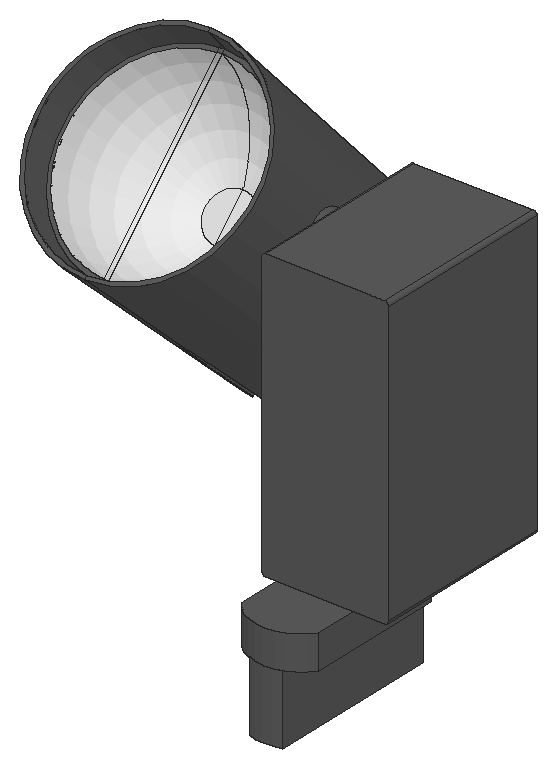
Revit family "0004838 Feilo Sylvania Lighting Fixture START TRACK SPOT S 24W 3K RA80 NB BLACK", category Lighting Fixtures, host Face, Revit 2017 (continued)
Definition of nested family "Start Track Spot Head"
  Types (96, lengths in mm): name | Wattage | built-in parameter 1150134 | Photometric Web File | Model | built-in parameter 1150105 | Lumens | built-in parameter 1150107 | built-in parameter 1150106 | HeadThickness_FEILO | HeadRibOffset_FEILO | HeadRibDepth_FEILO | HeadRibCutWidth_FEILO | HeadRibCutOffset_FEILO | HeadReflectorRadius_FEILO | HeadReflectorOffset_FEILO | HeadLEDRadius_FEILO | HeadHeight_FEILO | HeadDiffusorOffset_FEILO | HeadDiaOut_FEILO | HeadDiaIn_FEILO | HeadAxisFromTop_FEILO | Emit from Circle Diameter | built-in parameter 1150104 | Description | Apparent Load
    0004864 START TRACK SPOT S 24W 3K RA90 WB WHITE | 24 W | (empty or 0) | "0004864.ies" | "START TRACK SPOT S 24W 3K RA90 WB WHITE" | 152.79 (stored number, unit not read) | 1920 lm | 3000 (stored number, unit not read) | 1.5279 (stored number, unit not read) | 1.5 | 4.179 | 55.714 | 7.167 | 50.87 | 50.588 | 55.714 | 9.556 | 117 | 9.435 | 86 | 77.477 | 69.354 | 77.477 | 7.4322 (stored number, unit not read) | "Integrated LED spotlight, Textured White - RAL9016, compact and minimalist design, ideal for retail applications, die-cast aluminium body, passive cooling heatsink. Beam angle: 64°, color temperature: 3000K , total system power: 24W, total fixture output: 1928 lm, LOR: 100%, colour rendering: Ra: 90 typical, LED Chromaticity: 3 step MacAdam ellipse, lifetime: >50000 hours at L70B50, energy class: A++, A+, A, IR/UV free light source without heat radiation, operating voltage: 220-240V / 50-60Hz, drive current: 600mA, electronic driver, non-dimmable, power factor: 0.95, electrical protection: Class II, Global Track 3 Phase adapter suitable for Global trac 3-circuit tracks, ingress protection rating: IP20, suitable for internal environment only, horizontal rotation: 355°, vertical tilt: 90°, dimensions: Ø86x140x200, weight: 0.966kg." | 24 VA
    0004863 START TRACK SPOT S 24W 3K RA90 MB WHITE | 24 W | (empty or 0) | "0004863.ies" | "START TRACK SPOT S 24W 3K RA90 MB WHITE" | 154.7 (stored number, unit not read) | 1944 lm | 3000 (stored number, unit not read) | 1.547 (stored number, unit not read) | 1.5 | 4.179 | 55.714 | 7.167 | 50.87 | 50.588 | 55.714 | 9.556 | 117 | 9.435 | 86 | 77.477 | 69.354 | 77.477 | 7.5251 (stored number, unit not read) | "Integrated LED spotlight, Textured White - RAL9016, compact and minimalist design, ideal for retail applications, die-cast aluminium body, passive cooling heatsink. Beam angle: 36°, color temperature: 3000K , total system power: 24W, total fixture output: 1944 lm, LOR: 100%, colour rendering: Ra: 90 typical, LED Chromaticity: 3 step MacAdam ellipse, lifetime: >50000 hours at L70B50, energy class: A++, A+, A, IR/UV free light source without heat radiation, operating voltage: 220-240V / 50-60Hz, drive current: 600mA, electronic driver, non-dimmable, power factor: 0.95, electrical protection: Class II, Global Track 3 Phase adapter suitable for Global trac 3-circuit tracks, ingress protection rating: IP20, suitable for internal environment only, horizontal rotation: 355°, vertical tilt: 90°, dimensions: Ø86x140x200, weight: 0.966kg." | 24 VA
    0004862 START TRACK SPOT S 24W 3K RA90 NB WHITE | 24 W | (empty or 0) | "0004862.ies" | "START TRACK SPOT S 24W 3K RA90 NB WHITE" | 158.52 (stored number, unit not read) | 1992 lm | 3000 (stored number, unit not read) | 1.5852 (stored number, unit not read) | 1.5 | 4.179 | 55.714 | 7.167 | 50.87 | 50.588 | 55.714 | 9.556 | 117 | 9.435 | 86 | 77.477 | 69.354 | 77.477 | 7.711 (stored number, unit not read) | "Integrated LED spotlight, Textured White - RAL9016, compact and minimalist design, ideal for retail applications, die-cast aluminium body, passive cooling heatsink. Beam angle: 12°, color temperature: 3000K , total system power: 24W, total fixture output: 1987 lm, LOR: 100%, colour rendering: Ra: 90 typical, LED Chromaticity: 3 step MacAdam ellipse, lifetime: >50000 hours at L70B50, energy class: A++, A+, A, IR/UV free light source without heat radiation, operating voltage: 220-240V / 50-60Hz, drive current: 600mA, electronic driver, non-dimmable, power factor: 0.95, electrical protection: Class II, Global Track 3 Phase adapter suitable for Global trac 3-circuit tracks, ingress protection rating: IP20, suitable for internal environment only, horizontal rotation: 355°, vertical tilt: 90°, dimensions: Ø86x140x200, weight: 0.966kg." | 24 VA
    0004861 START TRACK SPOT S 14W 3K RA90 WB WHITE | 14 W | (empty or 0) | "0004861.ies" | "START TRACK SPOT S 14W 3K RA90 WB WHITE" | 100.27 (stored number, unit not read) | 1260 lm | 3000 (stored number, unit not read) | 1.0027 (stored number, unit not read) | 1.5 | 4.179 | 55.714 | 7.167 | 50.87 | 50.588 | 55.714 | 9.556 | 117 | 9.435 | 86 | 77.477 | 69.354 | 77.477 | 8.3613 (stored number, unit not read) | "Integrated LED spotlight, Textured White - RAL9016, compact and minimalist design, ideal for retail applications, die-cast aluminium body, passive cooling heatsink. Beam angle: 64°, color temperature: 3000K , total system power: 14W, total fixture output: 1262 lm, LOR: 100%, colour rendering: Ra: 90 typical, LED Chromaticity: 3 step MacAdam ellipse, lifetime: >50000 hours at L70B50, energy class: A++, A+, A, IR/UV free light source without heat radiation, operating voltage: 220-240V / 50-60Hz, drive current: 350mA, electronic driver, non-dimmable, power factor: 0.92, electrical protection: Class II, Global Track 3 Phase adapter suitable for Global trac 3-circuit tracks, ingress protection rating: IP20, suitable for internal environment only, horizontal rotation: 355°, vertical tilt: 90°, dimensions: Ø86x140x200, weight: 0.940kg." | 14 VA
    0004860 START TRACK SPOT S 14W 3K RA90 MB WHITE | 14 W | (empty or 0) | "0004860.ies" | "START TRACK SPOT S 14W 3K RA90 MB WHITE" | 100.27 (stored number, unit not read) | 1260 lm | 3000 (stored number, unit not read) | 1.0027 (stored number, unit not read) | 1.5 | 4.179 | 55.714 | 7.167 | 50.87 | 50.588 | 55.714 | 9.556 | 117 | 9.435 | 86 | 77.477 | 69.354 | 77.477 | 8.3613 (stored number, unit not read) | "Integrated LED spotlight, Textured White - RAL9016, compact and minimalist design, ideal for retail applications, die-cast aluminium body, passive cooling heatsink. Beam angle: 36°, color temperature: 3000K , total system power: 14W, total fixture output: 1262 lm, LOR: 100%, colour rendering: Ra: 90 typical, LED Chromaticity: 3 step MacAdam ellipse, lifetime: >50000 hours at L70B50, energy class: A++, A+, A, IR/UV free light source without heat radiation, operating voltage: 220-240V / 50-60Hz, drive current: 350mA, electronic driver, non-dimmable, power factor: 0.92, electrical protection: Class II, Global Track 3 Phase adapter suitable for Global trac 3-circuit tracks, ingress protection rating: IP20, suitable for internal environment only, horizontal rotation: 355°, vertical tilt: 90°, dimensions: Ø86x140x200, weight: 0.940kg." | 14 VA
    0004859 START TRACK SPOT S 14W 3K RA90 NB WHITE | 14 W | (empty or 0) | "0004859.ies" | "START TRACK SPOT S 14W 3K RA90 NB WHITE" | 102.5 (stored number, unit not read) | 1288 lm | 3000 (stored number, unit not read) | 1.025 (stored number, unit not read) | 1.5 | 4.179 | 55.714 | 7.167 | 50.87 | 50.588 | 55.714 | 9.556 | 117 | 9.435 | 86 | 77.477 | 69.354 | 77.477 | 8.5471 (stored number, unit not read) | "Integrated LED spotlight, Textured White - RAL9016, compact and minimalist design, ideal for retail applications, die-cast aluminium body, passive cooling heatsink. Beam angle: 12°, color temperature: 3000K , total system power: 14W, total fixture output: 1284 lm, LOR: 100%, colour rendering: Ra: 90 typical, LED Chromaticity: 3 step MacAdam ellipse, lifetime: >50000 hours at L70B50, energy class: A++, A+, A, IR/UV free light source without heat radiation, operating voltage: 220-240V / 50-60Hz, drive current: 350mA, electronic driver, non-dimmable, power factor: 0.92, electrical protection: Class II, Global Track 3 Phase adapter suitable for Global trac 3-circuit tracks, ingress protection rating: IP20, suitable for internal environment only, horizontal rotation: 355°, vertical tilt: 90°, dimensions: Ø86x140x200, weight: 0.940kg." | 14 VA
    0004858 START TRACK SPOT L 55W 4K RA80 WB BLACK | 55 W | 12 | "0004858.ies" | "START TRACK SPOT L 55W 4K RA80 WB BLACK" | 424.55 (stored number, unit not read) | 5335 lm | 4000 (stored number, unit not read) | 4.2455 (stored number, unit not read) | 2 | 4.429 | 59.048 | 9.417 | 53.913 | 66.471 | 59.048 | 12.556 | 124 | 10 | 113 | 101.802 | 73.503 | 101.802 | 9.0116 (stored number, unit not read) | "Integrated LED spotlight, Textured Black - RAL9005, compact and minimalist design, ideal for retail applications, die-cast aluminium body, passive cooling heatsink. Beam angle: 52°, color temperature: 4000K , total system power: 55W, total fixture output: 5320 lm, LOR: 100%, colour rendering: Ra: 80 typical, LED Chromaticity: 3 step MacAdam ellipse, lifetime: >50000 hours at L70B50, energy class: A++, A+, A, IR/UV free light source without heat radiation, operating voltage: 220-240V / 50-60Hz, drive current: 1400mA, electronic driver, non-dimmable, power factor: 0.96, electrical protection: Class II, Global Track 3 Phase adapter suitable for Global trac 3-circuit tracks, ingress protection rating: IP20, suitable for internal environment only, horizontal rotation: 355°, vertical tilt: 90°, dimensions: Ø113x164x240, weight: 1.398kg." | 55 VA
    0004857 START TRACK SPOT L 55W 4K RA80 MB BLACK | 55 W | 12 | "0004857.ies" | "START TRACK SPOT L 55W 4K RA80 MB BLACK" | 428.92 (stored number, unit not read) | 5390 lm | 4000 (stored number, unit not read) | 4.2892 (stored number, unit not read) | 2 | 4.429 | 59.048 | 9.417 | 53.913 | 66.471 | 59.048 | 12.556 | 124 | 10 | 113 | 101.802 | 73.503 | 101.802 | 9.1045 (stored number, unit not read) | "Integrated LED spotlight, Textured Black - RAL9005, compact and minimalist design, ideal for retail applications, die-cast aluminium body, passive cooling heatsink. Beam angle: 38°, color temperature: 4000K , total system power: 55W, total fixture output: 5378 lm, LOR: 100%, colour rendering: Ra: 80 typical, LED Chromaticity: 3 step MacAdam ellipse, lifetime: >50000 hours at L70B50, energy class: A++, A+, A, IR/UV free light source without heat radiation, operating voltage: 220-240V / 50-60Hz, drive current: 1400mA, electronic driver, non-dimmable, power factor: 0.96, electrical protection: Class II, Global Track 3 Phase adapter suitable for Global trac 3-circuit tracks, ingress protection rating: IP20, suitable for internal environment only, horizontal rotation: 355°, vertical tilt: 90°, dimensions: Ø113x164x240, weight: 1.398kg." | 55 VA
    0004856 START TRACK SPOT L 55W 4K RA80 NB BLACK | 55 W | 12 | "0004856.ies" | "START TRACK SPOT L 55W 4K RA80 NB BLACK" | 433.3 (stored number, unit not read) | 5445 lm | 4000 (stored number, unit not read) | 4.333 (stored number, unit not read) | 2 | 4.429 | 59.048 | 9.417 | 53.913 | 66.471 | 59.048 | 12.556 | 124 | 10 | 113 | 101.802 | 73.503 | 101.802 | 9.1974 (stored number, unit not read) | "Integrated LED spotlight, Textured Black - RAL9005, compact and minimalist design, ideal for retail applications, die-cast aluminium body, passive cooling heatsink. Beam angle: 15°, color temperature: 4000K , total system power: 55W, total fixture output: 5426 lm, LOR: 100%, colour rendering: Ra: 80 typical, LED Chromaticity: 3 step MacAdam ellipse, lifetime: >50000 hours at L70B50, energy class: A++, A+, A, IR/UV free light source without heat radiation, operating voltage: 220-240V / 50-60Hz, drive current: 1400mA, electronic driver, non-dimmable, power factor: 0.96, electrical protection: Class II, Global Track 3 Phase adapter suitable for Global trac 3-circuit tracks, ingress protection rating: IP20, suitable for internal environment only, horizontal rotation: 355°, vertical tilt: 90°, dimensions: Ø113x164x240, weight: 1.398kg." | 55 VA
    0004855 START TRACK SPOT L 35W 4K RA80 WB BLACK | 35 W | 12 | "0004855.ies" | "START TRACK SPOT L 35W 4K RA80 WB BLACK" | 320.3 (stored number, unit not read) | 4025 lm | 4000 (stored number, unit not read) | 3.203 (stored number, unit not read) | 2 | 4.429 | 59.048 | 9.417 | 53.913 | 66.471 | 59.048 | 12.556 | 124 | 10 | 113 | 101.802 | 73.503 | 101.802 | 10.684 (stored number, unit not read) | "Integrated LED spotlight, Textured Black - RAL9005, compact and minimalist design, ideal for retail applications, die-cast aluminium body, passive cooling heatsink. Beam angle: 52°, color temperature: 4000K , total system power: 35W, total fixture output: 4010 lm, LOR: 100%, colour rendering: Ra: 80 typical, LED Chromaticity: 3 step MacAdam ellipse, lifetime: >50000 hours at L70B50, energy class: A++, A+, A, IR/UV free light source without heat radiation, operating voltage: 220-240V / 50-60Hz, drive current: 900mA, electronic driver, non-dimmable, power factor: 0.93, electrical protection: Class II, Global Track 3 Phase adapter suitable for Global trac 3-circuit tracks, ingress protection rating: IP20, suitable for internal environment only, horizontal rotation: 355°, vertical tilt: 90°, dimensions: Ø113x164x240, weight: 1.368kg." | 35 VA
    0004854 START TRACK SPOT L 35W 4K RA80 MB BLACK | 35 W | 12 | "0004854.ies" | "START TRACK SPOT L 35W 4K RA80 MB BLACK" | 320.3 (stored number, unit not read) | 4025 lm | 4000 (stored number, unit not read) | 3.203 (stored number, unit not read) | 2 | 4.429 | 59.048 | 9.417 | 53.913 | 66.471 | 59.048 | 12.556 | 124 | 10 | 113 | 101.802 | 73.503 | 101.802 | 10.684 (stored number, unit not read) | "Integrated LED spotlight, Textured Black - RAL9005, compact and minimalist design, ideal for retail applications, die-cast aluminium body, passive cooling heatsink. Beam angle: 38°, color temperature: 4000K , total system power: 35W, total fixture output: 4017 lm, LOR: 100%, colour rendering: Ra: 80 typical, LED Chromaticity: 3 step MacAdam ellipse, lifetime: >50000 hours at L70B50, energy class: A++, A+, A, IR/UV free light source without heat radiation, operating voltage: 220-240V / 50-60Hz, drive current: 900mA, electronic driver, non-dimmable, power factor: 0.93, electrical protection: Class II, Global Track 3 Phase adapter suitable for Global trac 3-circuit tracks, ingress protection rating: IP20, suitable for internal environment only, horizontal rotation: 355°, vertical tilt: 90°, dimensions: Ø113x164x240, weight: 1.368kg." | 35 VA
    0004853 START TRACK SPOT L 35W 4K RA80 NB BLACK | 35 W | 12 | "0004853.ies" | "START TRACK SPOT L 35W 4K RA80 NB BLACK" | 331.44 (stored number, unit not read) | 4165 lm | 4000 (stored number, unit not read) | 3.3144 (stored number, unit not read) | 2 | 4.429 | 59.048 | 9.417 | 53.913 | 66.471 | 59.048 | 12.556 | 124 | 10 | 113 | 101.802 | 73.503 | 101.802 | 11.055 (stored number, unit not read) | "Integrated LED spotlight, Textured Black - RAL9005, compact and minimalist design, ideal for retail applications, die-cast aluminium body, passive cooling heatsink. Beam angle: 15°, color temperature: 4000K , total system power: 35W, total fixture output: 4174 lm, LOR: 100%, colour rendering: Ra: 80 typical, LED Chromaticity: 3 step MacAdam ellipse, lifetime: >50000 hours at L70B50, energy class: A++, A+, A, IR/UV free light source without heat radiation, operating voltage: 220-240V / 50-60Hz, drive current: 900mA, electronic driver, non-dimmable, power factor: 0.93, electrical protection: Class II, Global Track 3 Phase adapter suitable for Global trac 3-circuit tracks, ingress protection rating: IP20, suitable for internal environment only, horizontal rotation: 355°, vertical tilt: 90°, dimensions: Ø113x164x240, weight: 1.368kg." | 35 VA
    0004852 START TRACK SPOT S 24W 4K RA80 WB BLACK | 24 W | 12 | "0004852.ies" | "START TRACK SPOT S 24W 4K RA80 WB BLACK" | 196.72 (stored number, unit not read) | 2472 lm | 4000 (stored number, unit not read) | 1.9672 (stored number, unit not read) | 1.5 | 4.179 | 55.714 | 7.167 | 50.87 | 50.588 | 55.714 | 9.556 | 117 | 9.435 | 86 | 77.477 | 69.354 | 77.477 | 9.569 (stored number, unit not read) | "Integrated LED spotlight, Textured Black - RAL9005, compact and minimalist design, ideal for retail applications, die-cast aluminium body, passive cooling heatsink. Beam angle: 64°, color temperature: 4000K , total system power: 24W, total fixture output: 2476 lm, LOR: 100%, colour rendering: Ra: 80 typical, LED Chromaticity: 3 step MacAdam ellipse, lifetime: >50000 hours at L70B50, energy class: A++, A+, A, IR/UV free light source without heat radiation, operating voltage: 220-240V / 50-60Hz, drive current: 600mA, electronic driver, non-dimmable, power factor: 0.95, electrical protection: Class II, Global Track 3 Phase adapter suitable for Global trac 3-circuit tracks, ingress protection rating: IP20, suitable for internal environment only, horizontal rotation: 355°, vertical tilt: 90°, dimensions: Ø86x140x200, weight: 0.966kg." | 24 VA
    0004851 START TRACK SPOT S 24W 4K RA80 MB BLACK | 24 W | 12 | "0004851.ies" | "START TRACK SPOT S 24W 4K RA80 MB BLACK" | 198.63 (stored number, unit not read) | 2496 lm | 4000 (stored number, unit not read) | 1.9863 (stored number, unit not read) | 1.5 | 4.179 | 55.714 | 7.167 | 50.87 | 50.588 | 55.714 | 9.556 | 117 | 9.435 | 86 | 77.477 | 69.354 | 77.477 | 9.6619 (stored number, unit not read) | "Integrated LED spotlight, Textured Black - RAL9005, compact and minimalist design, ideal for retail applications, die-cast aluminium body, passive cooling heatsink. Beam angle: 36°, color temperature: 4000K , total system power: 24W, total fixture output: 2487 lm, LOR: 100%, colour rendering: Ra: 80 typical, LED Chromaticity: 3 step MacAdam ellipse, lifetime: >50000 hours at L70B50, energy class: A++, A+, A, IR/UV free light source without heat radiation, operating voltage: 220-240V / 50-60Hz, drive current: 600mA, electronic driver, non-dimmable, power factor: 0.95, electrical protection: Class II, Global Track 3 Phase adapter suitable for Global trac 3-circuit tracks, ingress protection rating: IP20, suitable for internal environment only, horizontal rotation: 355°, vertical tilt: 90°, dimensions: Ø86x140x200, weight: 0.966kg." | 24 VA
    0004850 START TRACK SPOT S 24W 4K RA80 NB BLACK | 24 W | 12 | "0004850.ies" | "START TRACK SPOT S 24W 4K RA80 NB BLACK" | 200.54 (stored number, unit not read) | 2520 lm | 4000 (stored number, unit not read) | 2.0054 (stored number, unit not read) | 1.5 | 4.179 | 55.714 | 7.167 | 50.87 | 50.588 | 55.714 | 9.556 | 117 | 9.435 | 86 | 77.477 | 69.354 | 77.477 | 9.7548 (stored number, unit not read) | "Integrated LED spotlight, Textured Black - RAL9005, compact and minimalist design, ideal for retail applications, die-cast aluminium body, passive cooling heatsink. Beam angle: 12°, color temperature: 4000K , total system power: 24W, total fixture output: 2529 lm, LOR: 100%, colour rendering: Ra: 80 typical, LED Chromaticity: 3 step MacAdam ellipse, lifetime: >50000 hours at L70B50, energy class: A++, A+, A, IR/UV free light source without heat radiation, operating voltage: 220-240V / 50-60Hz, drive current: 600mA, electronic driver, non-dimmable, power factor: 0.95, electrical protection: Class II, Global Track 3 Phase adapter suitable for Global trac 3-circuit tracks, ingress protection rating: IP20, suitable for internal environment only, horizontal rotation: 355°, vertical tilt: 90°, dimensions: Ø86x140x200, weight: 0.966kg." | 24 VA
    0004849 START TRACK SPOT S 14W 4K RA80 WB BLACK | 14 W | 12 | "0004849.ies" | "START TRACK SPOT S 14W 4K RA80 WB BLACK" | 123.66 (stored number, unit not read) | 1554 lm | 4000 (stored number, unit not read) | 1.2366 (stored number, unit not read) | 1.5 | 4.179 | 55.714 | 7.167 | 50.87 | 50.588 | 55.714 | 9.556 | 117 | 9.435 | 86 | 77.477 | 69.354 | 77.477 | 10.312 (stored number, unit not read) | "Integrated LED spotlight, Textured Black - RAL9005, compact and minimalist design, ideal for retail applications, die-cast aluminium body, passive cooling heatsink. Beam angle: 64°, color temperature: 4000K , total system power: 14W, total fixture output: 1558 lm, LOR: 100%, colour rendering: Ra: 80 typical, LED Chromaticity: 3 step MacAdam ellipse, lifetime: >50000 hours at L70B50, energy class: A++, A+, A, IR/UV free light source without heat radiation, operating voltage: 220-240V / 50-60Hz, drive current: 350mA, electronic driver, non-dimmable, power factor: 0.92, electrical protection: Class II, Global Track 3 Phase adapter suitable for Global trac 3-circuit tracks, ingress protection rating: IP20, suitable for internal environment only, horizontal rotation: 355°, vertical tilt: 90°, dimensions: Ø86x140x200, weight: 0.940kg." | 14 VA
    0004848 START TRACK SPOT S 14W 4K RA80 MB BLACK | 14 W | 12 | "0004848.ies" | "START TRACK SPOT S 14W 4K RA80 MB BLACK" | 127.01 (stored number, unit not read) | 1596 lm | 4000 (stored number, unit not read) | 1.2701 (stored number, unit not read) | 1.5 | 4.179 | 55.714 | 7.167 | 50.87 | 50.588 | 55.714 | 9.556 | 117 | 9.435 | 86 | 77.477 | 69.354 | 77.477 | 10.591 (stored number, unit not read) | "Integrated LED spotlight, Textured Black - RAL9005, compact and minimalist design, ideal for retail applications, die-cast aluminium body, passive cooling heatsink. Beam angle: 36°, color temperature: 4000K , total system power: 14W, total fixture output: 1598 lm, LOR: 100%, colour rendering: Ra: 80 typical, LED Chromaticity: 3 step MacAdam ellipse, lifetime: >50000 hours at L70B50, energy class: A++, A+, A, IR/UV free light source without heat radiation, operating voltage: 220-240V / 50-60Hz, drive current: 350mA, electronic driver, non-dimmable, power factor: 0.92, electrical protection: Class II, Global Track 3 Phase adapter suitable for Global trac 3-circuit tracks, ingress protection rating: IP20, suitable for internal environment only, horizontal rotation: 355°, vertical tilt: 90°, dimensions: Ø86x140x200, weight: 0.940kg." | 14 VA
    0004847 START TRACK SPOT S 14W 4K RA80 NB BLACK | 14 W | 12 | "0004847.ies" | "START TRACK SPOT S 14W 4K RA80 NB BLACK" | 128.12 (stored number, unit not read) | 1610 lm | 4000 (stored number, unit not read) | 1.2812 (stored number, unit not read) | 1.5 | 4.179 | 55.714 | 7.167 | 50.87 | 50.588 | 55.714 | 9.556 | 117 | 9.435 | 86 | 77.477 | 69.354 | 77.477 | 10.684 (stored number, unit not read) | "Integrated LED spotlight, Textured Black - RAL9005, compact and minimalist design, ideal for retail applications, die-cast aluminium body, passive cooling heatsink. Beam angle: 12°, color temperature: 4000K , total system power: 14W, total fixture output: 1608 lm, LOR: 100%, colour rendering: Ra: 80 typical, LED Chromaticity: 3 step MacAdam ellipse, lifetime: >50000 hours at L70B50, energy class: A++, A+, A, IR/UV free light source without heat radiation, operating voltage: 220-240V / 50-60Hz, drive current: 350mA, electronic driver, non-dimmable, power factor: 0.92, electrical protection: Class II, Global Track 3 Phase adapter suitable for Global trac 3-circuit tracks, ingress protection rating: IP20, suitable for internal environment only, horizontal rotation: 355°, vertical tilt: 90°, dimensions: Ø86x140x200, weight: 0.940kg." | 14 VA
    0004846 START TRACK SPOT L 55W 3K RA80 WB BLACK | 55 W | (empty or 0) | "0004846.ies" | "START TRACK SPOT L 55W 3K RA80 WB BLACK" | 420.17 (stored number, unit not read) | 5280 lm | 3000 (stored number, unit not read) | 4.2017 (stored number, unit not read) | 2 | 4.429 | 59.048 | 9.417 | 53.913 | 66.471 | 59.048 | 12.556 | 124 | 10 | 113 | 101.802 | 73.503 | 101.802 | 8.9187 (stored number, unit not read) | "Integrated LED spotlight, Textured Black - RAL9005, compact and minimalist design, ideal for retail applications, die-cast aluminium body, passive cooling heatsink. Beam angle: 52°, color temperature: 3000K , total system power: 55W, total fixture output: 5298 lm, LOR: 100%, colour rendering: Ra: 80 typical, LED Chromaticity: 3 step MacAdam ellipse, lifetime: >50000 hours at L70B50, energy class: A++, A+, A, IR/UV free light source without heat radiation, operating voltage: 220-240V / 50-60Hz, drive current: 1400mA, electronic driver, non-dimmable, power factor: 0.96, electrical protection: Class II, Global Track 3 Phase adapter suitable for Global trac 3-circuit tracks, ingress protection rating: IP20, suitable for internal environment only, horizontal rotation: 355°, vertical tilt: 90°, dimensions: Ø113x164x240, weight: 1.398kg." | 55 VA
    0004845 START TRACK SPOT L 55W 3K RA80 MB BLACK | 55 W | (empty or 0) | "0004845.ies" | "START TRACK SPOT L 55W 3K RA80 MB BLACK" | 428.92 (stored number, unit not read) | 5390 lm | 3000 (stored number, unit not read) | 4.2892 (stored number, unit not read) | 2 | 4.429 | 59.048 | 9.417 | 53.913 | 66.471 | 59.048 | 12.556 | 124 | 10 | 113 | 101.802 | 73.503 | 101.802 | 9.1045 (stored number, unit not read) | "Integrated LED spotlight, Textured Black - RAL9005, compact and minimalist design, ideal for retail applications, die-cast aluminium body, passive cooling heatsink. Beam angle: 38°, color temperature: 3000K , total system power: 55W, total fixture output: 5381 lm, LOR: 100%, colour rendering: Ra: 80 typical, LED Chromaticity: 3 step MacAdam ellipse, lifetime: >50000 hours at L70B50, energy class: A++, A+, A, IR/UV free light source without heat radiation, operating voltage: 220-240V / 50-60Hz, drive current: 1400mA, electronic driver, non-dimmable, power factor: 0.96, electrical protection: Class II, Global Track 3 Phase adapter suitable for Global trac 3-circuit tracks, ingress protection rating: IP20, suitable for internal environment only, horizontal rotation: 355°, vertical tilt: 90°, dimensions: Ø113x164x240, weight: 1.398kg." | 55 VA
    0004844 START TRACK SPOT L 55W 3K RA80 NB BLACK | 55 W | (empty or 0) | "0004844.ies" | "START TRACK SPOT L 55W 3K RA80 NB BLACK" | 433.3 (stored number, unit not read) | 5445 lm | 3000 (stored number, unit not read) | 4.333 (stored number, unit not read) | 2 | 4.429 | 59.048 | 9.417 | 53.913 | 66.471 | 59.048 | 12.556 | 124 | 10 | 113 | 101.802 | 73.503 | 101.802 | 9.1974 (stored number, unit not read) | "Integrated LED spotlight, Textured Black - RAL9005, compact and minimalist design, ideal for retail applications, die-cast aluminium body, passive cooling heatsink. Beam angle: 15°, color temperature: 3000K , total system power: 55W, total fixture output: 5449 lm, LOR: 100%, colour rendering: Ra: 80 typical, LED Chromaticity: 3 step MacAdam ellipse, lifetime: >50000 hours at L70B50, energy class: A++, A+, A, IR/UV free light source without heat radiation, operating voltage: 220-240V / 50-60Hz, drive current: 1400mA, electronic driver, non-dimmable, power factor: 0.96, electrical protection: Class II, Global Track 3 Phase adapter suitable for Global trac 3-circuit tracks, ingress protection rating: IP20, suitable for internal environment only, horizontal rotation: 355°, vertical tilt: 90°, dimensions: Ø113x164x240, weight: 1.398kg." | 55 VA
    0004843 START TRACK SPOT L 35W 3K RA80 WB BLACK | 35 W | (empty or 0) | "0004843.ies" | "START TRACK SPOT L 35W 3K RA80 WB BLACK" | 314.73 (stored number, unit not read) | 3955 lm | 3000 (stored number, unit not read) | 3.1473 (stored number, unit not read) | 2 | 4.429 | 59.048 | 9.417 | 53.913 | 66.471 | 59.048 | 12.556 | 124 | 10 | 113 | 101.802 | 73.503 | 101.802 | 10.498 (stored number, unit not read) | "Integrated LED spotlight, Textured Black - RAL9005, compact and minimalist design, ideal for retail applications, die-cast aluminium body, passive cooling heatsink. Beam angle: 52°, color temperature: 3000K , total system power: 35W, total fixture output: 3943 lm, LOR: 100%, colour rendering: Ra: 80 typical, LED Chromaticity: 3 step MacAdam ellipse, lifetime: >50000 hours at L70B50, energy class: A++, A+, A, IR/UV free light source without heat radiation, operating voltage: 220-240V / 50-60Hz, drive current: 900mA, electronic driver, non-dimmable, power factor: 0.93, electrical protection: Class II, Global Track 3 Phase adapter suitable for Global trac 3-circuit tracks, ingress protection rating: IP20, suitable for internal environment only, horizontal rotation: 355°, vertical tilt: 90°, dimensions: Ø113x164x240, weight: 1.368kg." | 35 VA
    0004842 START TRACK SPOT L 35W 3K RA80 MB BLACK | 35 W | (empty or 0) | "0004842.ies" | "START TRACK SPOT L 35W 3K RA80 MB BLACK" | 320.3 (stored number, unit not read) | 4025 lm | 3000 (stored number, unit not read) | 3.203 (stored number, unit not read) | 2 | 4.429 | 59.048 | 9.417 | 53.913 | 66.471 | 59.048 | 12.556 | 124 | 10 | 113 | 101.802 | 73.503 | 101.802 | 10.684 (stored number, unit not read) | "Integrated LED spotlight, Textured Black - RAL9005, compact and minimalist design, ideal for retail applications, die-cast aluminium body, passive cooling heatsink. Beam angle: 38°, color temperature: 3000K , total system power: 35W, total fixture output: 4008 lm, LOR: 100%, colour rendering: Ra: 80 typical, LED Chromaticity: 3 step MacAdam ellipse, lifetime: >50000 hours at L70B50, energy class: A++, A+, A, IR/UV free light source without heat radiation, operating voltage: 220-240V / 50-60Hz, drive current: 900mA, electronic driver, non-dimmable, power factor: 0.93, electrical protection: Class II, Global Track 3 Phase adapter suitable for Global trac 3-circuit tracks, ingress protection rating: IP20, suitable for internal environment only, horizontal rotation: 355°, vertical tilt: 90°, dimensions: Ø113x164x240, weight: 1.368kg." | 35 VA
    0004841 START TRACK SPOT L 35W 3K RA80 NB BLACK | 35 W | (empty or 0) | "0004841.ies" | "START TRACK SPOT L 35W 3K RA80 NB BLACK" | 317.51 (stored number, unit not read) | 3990 lm | 3000 (stored number, unit not read) | 3.1751 (stored number, unit not read) | 2 | 4.429 | 59.048 | 9.417 | 53.913 | 66.471 | 59.048 | 12.556 | 124 | 10 | 113 | 101.802 | 73.503 | 101.802 | 10.591 (stored number, unit not read) | "Integrated LED spotlight, Textured Black - RAL9005, compact and minimalist design, ideal for retail applications, die-cast aluminium body, passive cooling heatsink. Beam angle: 15°, color temperature: 3000K , total system power: 35W, total fixture output: 4005 lm, LOR: 100%, colour rendering: Ra: 80 typical, LED Chromaticity: 3 step MacAdam ellipse, lifetime: >50000 hours at L70B50, energy class: A++, A+, A, IR/UV free light source without heat radiation, operating voltage: 220-240V / 50-60Hz, drive current: 900mA, electronic driver, non-dimmable, power factor: 0.93, electrical protection: Class II, Global Track 3 Phase adapter suitable for Global trac 3-circuit tracks, ingress protection rating: IP20, suitable for internal environment only, horizontal rotation: 355°, vertical tilt: 90°, dimensions: Ø113x164x240, weight: 1.368kg." | 35 VA
    0004840 START TRACK SPOT S 24W 3K RA80 WB BLACK | 24 W | (empty or 0) | "0004840.ies" | "START TRACK SPOT S 24W 3K RA80 WB BLACK" | 185.26 (stored number, unit not read) | 2328 lm | 3000 (stored number, unit not read) | 1.8526 (stored number, unit not read) | 1.5 | 4.179 | 55.714 | 7.167 | 50.87 | 50.588 | 55.714 | 9.556 | 117 | 9.435 | 86 | 77.477 | 69.354 | 77.477 | 9.0116 (stored number, unit not read) | "Integrated LED spotlight, Textured Black - RAL9005, compact and minimalist design, ideal for retail applications, die-cast aluminium body, passive cooling heatsink. Beam angle: 64°, color temperature: 3000K , total system power: 24W, total fixture output: 2318 lm, LOR: 100%, colour rendering: Ra: 80 typical, LED Chromaticity: 3 step MacAdam ellipse, lifetime: >50000 hours at L70B50, energy class: A++, A+, A, IR/UV free light source without heat radiation, operating voltage: 220-240V / 50-60Hz, drive current: 600mA, electronic driver, non-dimmable, power factor: 0.95, electrical protection: Class II, Global Track 3 Phase adapter suitable for Global trac 3-circuit tracks, ingress protection rating: IP20, suitable for internal environment only, horizontal rotation: 355°, vertical tilt: 90°, dimensions: Ø86x140x200, weight: 0.966kg." | 24 VA
    0004839 START TRACK SPOT S 24W 3K RA80 MB BLACK | 24 W | (empty or 0) | "0004839.ies" | "START TRACK SPOT S 24W 3K RA80 MB BLACK" | 183.35 (stored number, unit not read) | 2304 lm | 3000 (stored number, unit not read) | 1.8335 (stored number, unit not read) | 1.5 | 4.179 | 55.714 | 7.167 | 50.87 | 50.588 | 55.714 | 9.556 | 117 | 9.435 | 86 | 77.477 | 69.354 | 77.477 | 8.9187 (stored number, unit not read) | "Integrated LED spotlight, Textured Black - RAL9005, compact and minimalist design, ideal for retail applications, die-cast aluminium body, passive cooling heatsink. Beam angle: 36°, color temperature: 3000K , total system power: 24W, total fixture output: 2314 lm, LOR: 100%, colour rendering: Ra: 80 typical, LED Chromaticity: 3 step MacAdam ellipse, lifetime: >50000 hours at L70B50, energy class: A++, A+, A, IR/UV free light source without heat radiation, operating voltage: 220-240V / 50-60Hz, drive current: 600mA, electronic driver, non-dimmable, power factor: 0.95, electrical protection: Class II, Global Track 3 Phase adapter suitable for Global trac 3-circuit tracks, ingress protection rating: IP20, suitable for internal environment only, horizontal rotation: 355°, vertical tilt: 90°, dimensions: Ø86x140x200, weight: 0.966kg." | 24 VA
    0004838 START TRACK SPOT S 24W 3K RA80 NB BLACK | 24 W | (empty or 0) | "0004838.ies" | "START TRACK SPOT S 24W 3K RA80 NB BLACK" | 185.26 (stored number, unit not read) | 2328 lm | 3000 (stored number, unit not read) | 1.8526 (stored number, unit not read) | 1.5 | 4.179 | 55.714 | 7.167 | 50.87 | 50.588 | 55.714 | 9.556 | 117 | 9.435 | 86 | 77.477 | 69.354 | 77.477 | 9.0116 (stored number, unit not read) | "Integrated LED spotlight, Textured Black - RAL9005, compact and minimalist design, ideal for retail applications, die-cast aluminium body, passive cooling heatsink. Beam angle: 12°, color temperature: 3000K , total system power: 24W, total fixture output: 2334 lm, LOR: 100%, colour rendering: Ra: 80 typical, LED Chromaticity: 3 step MacAdam ellipse, lifetime: >50000 hours at L70B50, energy class: A++, A+, A, IR/UV free light source without heat radiation, operating voltage: 220-240V / 50-60Hz, drive current: 600mA, electronic driver, non-dimmable, power factor: 0.95, electrical protection: Class II, Global Track 3 Phase adapter suitable for Global trac 3-circuit tracks, ingress protection rating: IP20, suitable for internal environment only, horizontal rotation: 355°, vertical tilt: 90°, dimensions: Ø86x140x200, weight: 0.966kg." | 24 VA
    0004837 START TRACK SPOT S 14W 3K RA80 WB BLACK | 14 W | (empty or 0) | "0004837.ies" | "START TRACK SPOT S 14W 3K RA80 WB BLACK" | 119.21 (stored number, unit not read) | 1498 lm | 3000 (stored number, unit not read) | 1.1921 (stored number, unit not read) | 1.5 | 4.179 | 55.714 | 7.167 | 50.87 | 50.588 | 55.714 | 9.556 | 117 | 9.435 | 86 | 77.477 | 69.354 | 77.477 | 9.9406 (stored number, unit not read) | "Integrated LED spotlight, Textured Black - RAL9005, compact and minimalist design, ideal for retail applications, die-cast aluminium body, passive cooling heatsink. Beam angle: 64°, color temperature: 3000K , total system power: 14W, total fixture output: 1498 lm, LOR: 100%, colour rendering: Ra: 80 typical, LED Chromaticity: 3 step MacAdam ellipse, lifetime: >50000 hours at L70B50, energy class: A++, A+, A, IR/UV free light source without heat radiation, operating voltage: 220-240V / 50-60Hz, drive current: 350mA, electronic driver, non-dimmable, power factor: 0.92, electrical protection: Class II, Global Track 3 Phase adapter suitable for Global trac 3-circuit tracks, ingress protection rating: IP20, suitable for internal environment only, horizontal rotation: 355°, vertical tilt: 90°, dimensions: Ø86x140x200, weight: 0.940kg." | 14 VA
    0004836 START TRACK SPOT S 14W 3K RA80 MB BLACK | 14 W | (empty or 0) | "0004836.ies" | "START TRACK SPOT S 14W 3K RA80 MB BLACK" | 120.32 (stored number, unit not read) | 1512 lm | 3000 (stored number, unit not read) | 1.2032 (stored number, unit not read) | 1.5 | 4.179 | 55.714 | 7.167 | 50.87 | 50.588 | 55.714 | 9.556 | 117 | 9.435 | 86 | 77.477 | 69.354 | 77.477 | 10.034 (stored number, unit not read) | "Integrated LED spotlight, Textured Black - RAL9005, compact and minimalist design, ideal for retail applications, die-cast aluminium body, passive cooling heatsink. Beam angle: 36°, color temperature: 3000K , total system power: 14W, total fixture output: 1508 lm, LOR: 100%, colour rendering: Ra: 80 typical, LED Chromaticity: 3 step MacAdam ellipse, lifetime: >50000 hours at L70B50, energy class: A++, A+, A, IR/UV free light source without heat radiation, operating voltage: 220-240V / 50-60Hz, drive current: 350mA, electronic driver, non-dimmable, power factor: 0.92, electrical protection: Class II, Global Track 3 Phase adapter suitable for Global trac 3-circuit tracks, ingress protection rating: IP20, suitable for internal environment only, horizontal rotation: 355°, vertical tilt: 90°, dimensions: Ø86x140x200, weight: 0.940kg." | 14 VA
    0004835 START TRACK SPOT S 14W 3K RA80 NB BLACK | 14 W | (empty or 0) | "0004835.ies" | "START TRACK SPOT S 14W 3K RA80 NB BLACK" | 123.66 (stored number, unit not read) | 1554 lm | 3000 (stored number, unit not read) | 1.2366 (stored number, unit not read) | 1.5 | 4.179 | 55.714 | 7.167 | 50.87 | 50.588 | 55.714 | 9.556 | 117 | 9.435 | 86 | 77.477 | 69.354 | 77.477 | 10.312 (stored number, unit not read) | "Integrated LED spotlight, Textured Black - RAL9005, compact and minimalist design, ideal for retail applications, die-cast aluminium body, passive cooling heatsink. Beam angle: 12°, color temperature: 3000K , total system power: 14W, total fixture output: 1551 lm, LOR: 100%, colour rendering: Ra: 80 typical, LED Chromaticity: 3 step MacAdam ellipse, lifetime: >50000 hours at L70B50, energy class: A++, A+, A, IR/UV free light source without heat radiation, operating voltage: 220-240V / 50-60Hz, drive current: 350mA, electronic driver, non-dimmable, power factor: 0.92, electrical protection: Class II, Global Track 3 Phase adapter suitable for Global trac 3-circuit tracks, ingress protection rating: IP20, suitable for internal environment only, horizontal rotation: 355°, vertical tilt: 90°, dimensions: Ø86x140x200, weight: 0.940kg." | 14 VA
    0004834 START TRACK SPOT L 55W 4K RA80 WB WHITE | 55 W | 12 | "0004834.ies" | "START TRACK SPOT L 55W 4K RA80 WB WHITE" | 424.55 (stored number, unit not read) | 5335 lm | 4000 (stored number, unit not read) | 4.2455 (stored number, unit not read) | 2 | 4.429 | 59.048 | 9.417 | 53.913 | 66.471 | 59.048 | 12.556 | 124 | 10 | 113 | 101.802 | 73.503 | 101.802 | 9.0116 (stored number, unit not read) | "Integrated LED spotlight, Textured White - RAL9016, compact and minimalist design, ideal for retail applications, die-cast aluminium body, passive cooling heatsink. Beam angle: 52°, color temperature: 4000K , total system power: 55W, total fixture output: 5320 lm, LOR: 100%, colour rendering: Ra: 80 typical, LED Chromaticity: 3 step MacAdam ellipse, lifetime: >50000 hours at L70B50, energy class: A++, A+, A, IR/UV free light source without heat radiation, operating voltage: 220-240V / 50-60Hz, drive current: 1400mA, electronic driver, non-dimmable, power factor: 0.96, electrical protection: Class II, Global Track 3 Phase adapter suitable for Global trac 3-circuit tracks, ingress protection rating: IP20, suitable for internal environment only, horizontal rotation: 355°, vertical tilt: 90°, dimensions: Ø113x164x240, weight: 1.398kg." | 55 VA
    0004833 START TRACK SPOT L 55W 4K RA80 MB WHITE | 55 W | 12 | "0004833.ies" | "START TRACK SPOT L 55W 4K RA80 MB WHITE" | 428.92 (stored number, unit not read) | 5390 lm | 4000 (stored number, unit not read) | 4.2892 (stored number, unit not read) | 2 | 4.429 | 59.048 | 9.417 | 53.913 | 66.471 | 59.048 | 12.556 | 124 | 10 | 113 | 101.802 | 73.503 | 101.802 | 9.1045 (stored number, unit not read) | "Integrated LED spotlight, Textured White - RAL9016, compact and minimalist design, ideal for retail applications, die-cast aluminium body, passive cooling heatsink. Beam angle: 38°, color temperature: 4000K , total system power: 55W, total fixture output: 5378 lm, LOR: 100%, colour rendering: Ra: 80 typical, LED Chromaticity: 3 step MacAdam ellipse, lifetime: >50000 hours at L70B50, energy class: A++, A+, A, IR/UV free light source without heat radiation, operating voltage: 220-240V / 50-60Hz, drive current: 1400mA, electronic driver, non-dimmable, power factor: 0.96, electrical protection: Class II, Global Track 3 Phase adapter suitable for Global trac 3-circuit tracks, ingress protection rating: IP20, suitable for internal environment only, horizontal rotation: 355°, vertical tilt: 90°, dimensions: Ø113x164x240, weight: 1.398kg." | 55 VA
    0004832 START TRACK SPOT L 55W 4K RA80 NB WHITE | 55 W | 12 | "0004832.ies" | "START TRACK SPOT L 55W 4K RA80 NB WHITE" | 433.3 (stored number, unit not read) | 5445 lm | 4000 (stored number, unit not read) | 4.333 (stored number, unit not read) | 2 | 4.429 | 59.048 | 9.417 | 53.913 | 66.471 | 59.048 | 12.556 | 124 | 10 | 113 | 101.802 | 73.503 | 101.802 | 9.1974 (stored number, unit not read) | "Integrated LED spotlight, Textured White - RAL9016, compact and minimalist design, ideal for retail applications, die-cast aluminium body, passive cooling heatsink. Beam angle: 15°, color temperature: 4000K , total system power: 55W, total fixture output: 5426 lm, LOR: 100%, colour rendering: Ra: 80 typical, LED Chromaticity: 3 step MacAdam ellipse, lifetime: >50000 hours at L70B50, energy class: A++, A+, A, IR/UV free light source without heat radiation, operating voltage: 220-240V / 50-60Hz, drive current: 1400mA, electronic driver, non-dimmable, power factor: 0.96, electrical protection: Class II, Global Track 3 Phase adapter suitable for Global trac 3-circuit tracks, ingress protection rating: IP20, suitable for internal environment only, horizontal rotation: 355°, vertical tilt: 90°, dimensions: Ø113x164x240, weight: 1.398kg." | 55 VA
    0004831 START TRACK SPOT L 35W 4K RA80 WB WHITE | 35 W | 12 | "0004831.ies" | "START TRACK SPOT L 35W 4K RA80 WB WHITE" | 320.3 (stored number, unit not read) | 4025 lm | 4000 (stored number, unit not read) | 3.203 (stored number, unit not read) | 2 | 4.429 | 59.048 | 9.417 | 53.913 | 66.471 | 59.048 | 12.556 | 124 | 10 | 113 | 101.802 | 73.503 | 101.802 | 10.684 (stored number, unit not read) | "Integrated LED spotlight, Textured White - RAL9016, compact and minimalist design, ideal for retail applications, die-cast aluminium body, passive cooling heatsink. Beam angle: 52°, color temperature: 4000K , total system power: 35W, total fixture output: 4010 lm, LOR: 100%, colour rendering: Ra: 80 typical, LED Chromaticity: 3 step MacAdam ellipse, lifetime: >50000 hours at L70B50, energy class: A++, A+, A, IR/UV free light source without heat radiation, operating voltage: 220-240V / 50-60Hz, drive current: 900mA, electronic driver, non-dimmable, power factor: 0.93, electrical protection: Class II, Global Track 3 Phase adapter suitable for Global trac 3-circuit tracks, ingress protection rating: IP20, suitable for internal environment only, horizontal rotation: 355°, vertical tilt: 90°, dimensions: Ø113x164x240, weight: 1.368kg." | 35 VA
    0004830 START TRACK SPOT L 35W 4K RA80 MB WHITE | 35 W | 12 | "0004830.ies" | "START TRACK SPOT L 35W 4K RA80 MB WHITE" | 320.3 (stored number, unit not read) | 4025 lm | 4000 (stored number, unit not read) | 3.203 (stored number, unit not read) | 2 | 4.429 | 59.048 | 9.417 | 53.913 | 66.471 | 59.048 | 12.556 | 124 | 10 | 113 | 101.802 | 73.503 | 101.802 | 10.684 (stored number, unit not read) | "Integrated LED spotlight, Textured White - RAL9016, compact and minimalist design, ideal for retail applications, die-cast aluminium body, passive cooling heatsink. Beam angle: 38°, color temperature: 4000K , total system power: 35W, total fixture output: 4017 lm, LOR: 100%, colour rendering: Ra: 80 typical, LED Chromaticity: 3 step MacAdam ellipse, lifetime: >50000 hours at L70B50, energy class: A++, A+, A, IR/UV free light source without heat radiation, operating voltage: 220-240V / 50-60Hz, drive current: 900mA, electronic driver, non-dimmable, power factor: 0.93, electrical protection: Class II, Global Track 3 Phase adapter suitable for Global trac 3-circuit tracks, ingress protection rating: IP20, suitable for internal environment only, horizontal rotation: 355°, vertical tilt: 90°, dimensions: Ø113x164x240, weight: 1.368kg." | 35 VA
    0004829 START TRACK SPOT L 35W 4K RA80 NB WHITE | 35 W | 12 | "0004829.ies" | "START TRACK SPOT L 35W 4K RA80 NB WHITE" | 331.44 (stored number, unit not read) | 4165 lm | 4000 (stored number, unit not read) | 3.3144 (stored number, unit not read) | 2 | 4.429 | 59.048 | 9.417 | 53.913 | 66.471 | 59.048 | 12.556 | 124 | 10 | 113 | 101.802 | 73.503 | 101.802 | 11.055 (stored number, unit not read) | "Integrated LED spotlight, Textured White - RAL9016, compact and minimalist design, ideal for retail applications, die-cast aluminium body, passive cooling heatsink. Beam angle: 15°, color temperature: 4000K , total system power: 35W, total fixture output: 4174 lm, LOR: 100%, colour rendering: Ra: 80 typical, LED Chromaticity: 3 step MacAdam ellipse, lifetime: >50000 hours at L70B50, energy class: A++, A+, A, IR/UV free light source without heat radiation, operating voltage: 220-240V / 50-60Hz, drive current: 900mA, electronic driver, non-dimmable, power factor: 0.93, electrical protection: Class II, Global Track 3 Phase adapter suitable for Global trac 3-circuit tracks, ingress protection rating: IP20, suitable for internal environment only, horizontal rotation: 355°, vertical tilt: 90°, dimensions: Ø113x164x240, weight: 1.368kg." | 35 VA
    0004828 START TRACK SPOT S 24W 4K RA80 WB WHITE | 24 W | 12 | "0004828.ies" | "START TRACK SPOT S 24W 4K RA80 WB WHITE" | 196.72 (stored number, unit not read) | 2472 lm | 4000 (stored number, unit not read) | 1.9672 (stored number, unit not read) | 1.5 | 4.179 | 55.714 | 7.167 | 50.87 | 50.588 | 55.714 | 9.556 | 117 | 9.435 | 86 | 77.477 | 69.354 | 77.477 | 9.569 (stored number, unit not read) | "Integrated LED spotlight, Textured White - RAL9016, compact and minimalist design, ideal for retail applications, die-cast aluminium body, passive cooling heatsink. Beam angle: 64°, color temperature: 4000K , total system power: 24W, total fixture output: 2476 lm, LOR: 100%, colour rendering: Ra: 80 typical, LED Chromaticity: 3 step MacAdam ellipse, lifetime: >50000 hours at L70B50, energy class: A++, A+, A, IR/UV free light source without heat radiation, operating voltage: 220-240V / 50-60Hz, drive current: 600mA, electronic driver, non-dimmable, power factor: 0.95, electrical protection: Class II, Global Track 3 Phase adapter suitable for Global trac 3-circuit tracks, ingress protection rating: IP20, suitable for internal environment only, horizontal rotation: 355°, vertical tilt: 90°, dimensions: Ø86x140x200, weight: 0.966kg." | 24 VA
    0004827 START TRACK SPOT S 24W 4K RA80 MB WHITE | 24 W | 12 | "0004827.ies" | "START TRACK SPOT S 24W 4K RA80 MB WHITE" | 198.63 (stored number, unit not read) | 2496 lm | 4000 (stored number, unit not read) | 1.9863 (stored number, unit not read) | 1.5 | 4.179 | 55.714 | 7.167 | 50.87 | 50.588 | 55.714 | 9.556 | 117 | 9.435 | 86 | 77.477 | 69.354 | 77.477 | 9.6619 (stored number, unit not read) | "Integrated LED spotlight, Textured White - RAL9016, compact and minimalist design, ideal for retail applications, die-cast aluminium body, passive cooling heatsink. Beam angle: 36°, color temperature: 4000K , total system power: 24W, total fixture output: 2487 lm, LOR: 100%, colour rendering: Ra: 80 typical, LED Chromaticity: 3 step MacAdam ellipse, lifetime: >50000 hours at L70B50, energy class: A++, A+, A, IR/UV free light source without heat radiation, operating voltage: 220-240V / 50-60Hz, drive current: 600mA, electronic driver, non-dimmable, power factor: 0.95, electrical protection: Class II, Global Track 3 Phase adapter suitable for Global trac 3-circuit tracks, ingress protection rating: IP20, suitable for internal environment only, horizontal rotation: 355°, vertical tilt: 90°, dimensions: Ø86x140x200, weight: 0.966kg." | 24 VA
    0004826 START TRACK SPOT S 24W 4K RA80 NB WHITE | 24 W | 12 | "0004826.ies" | "START TRACK SPOT S 24W 4K RA80 NB WHITE" | 200.54 (stored number, unit not read) | 2520 lm | 4000 (stored number, unit not read) | 2.0054 (stored number, unit not read) | 1.5 | 4.179 | 55.714 | 7.167 | 50.87 | 50.588 | 55.714 | 9.556 | 117 | 9.435 | 86 | 77.477 | 69.354 | 77.477 | 9.7548 (stored number, unit not read) | "Integrated LED spotlight, Textured White - RAL9016, compact and minimalist design, ideal for retail applications, die-cast aluminium body, passive cooling heatsink. Beam angle: 12°, color temperature: 4000K , total system power: 24W, total fixture output: 2529 lm, LOR: 100%, colour rendering: Ra: 80 typical, LED Chromaticity: 3 step MacAdam ellipse, lifetime: >50000 hours at L70B50, energy class: A++, A+, A, IR/UV free light source without heat radiation, operating voltage: 220-240V / 50-60Hz, drive current: 600mA, electronic driver, non-dimmable, power factor: 0.95, electrical protection: Class II, Global Track 3 Phase adapter suitable for Global trac 3-circuit tracks, ingress protection rating: IP20, suitable for internal environment only, horizontal rotation: 355°, vertical tilt: 90°, dimensions: Ø86x140x200, weight: 0.966kg." | 24 VA
    0004825 START TRACK SPOT S 14W 4K RA80 WB WHITE | 14 W | 12 | "0004825.ies" | "START TRACK SPOT S 14W 4K RA80 WB WHITE" | 123.66 (stored number, unit not read) | 1554 lm | 4000 (stored number, unit not read) | 1.2366 (stored number, unit not read) | 1.5 | 4.179 | 55.714 | 7.167 | 50.87 | 50.588 | 55.714 | 9.556 | 117 | 9.435 | 86 | 77.477 | 69.354 | 77.477 | 10.312 (stored number, unit not read) | "Integrated LED spotlight, Textured White - RAL9016, compact and minimalist design, ideal for retail applications, die-cast aluminium body, passive cooling heatsink. Beam angle: 64°, color temperature: 4000K , total system power: 14W, total fixture output: 1558 lm, LOR: 100%, colour rendering: Ra: 80 typical, LED Chromaticity: 3 step MacAdam ellipse, lifetime: >50000 hours at L70B50, energy class: A++, A+, A, IR/UV free light source without heat radiation, operating voltage: 220-240V / 50-60Hz, drive current: 350mA, electronic driver, non-dimmable, power factor: 0.92, electrical protection: Class II, Global Track 3 Phase adapter suitable for Global trac 3-circuit tracks, ingress protection rating: IP20, suitable for internal environment only, horizontal rotation: 355°, vertical tilt: 90°, dimensions: Ø86x140x200, weight: 0.940kg." | 14 VA
    0004824 START TRACK SPOT S 14W 4K RA80 MB WHITE | 14 W | 12 | "0004824.ies" | "START TRACK SPOT S 14W 4K RA80 MB WHITE" | 127.01 (stored number, unit not read) | 1596 lm | 4000 (stored number, unit not read) | 1.2701 (stored number, unit not read) | 1.5 | 4.179 | 55.714 | 7.167 | 50.87 | 50.588 | 55.714 | 9.556 | 117 | 9.435 | 86 | 77.477 | 69.354 | 77.477 | 10.591 (stored number, unit not read) | "Integrated LED spotlight, Textured White - RAL9016, compact and minimalist design, ideal for retail applications, die-cast aluminium body, passive cooling heatsink. Beam angle: 36°, color temperature: 4000K , total system power: 14W, total fixture output: 1598 lm, LOR: 100%, colour rendering: Ra: 80 typical, LED Chromaticity: 3 step MacAdam ellipse, lifetime: >50000 hours at L70B50, energy class: A++, A+, A, IR/UV free light source without heat radiation, operating voltage: 220-240V / 50-60Hz, drive current: 350mA, electronic driver, non-dimmable, power factor: 0.92, electrical protection: Class II, Global Track 3 Phase adapter suitable for Global trac 3-circuit tracks, ingress protection rating: IP20, suitable for internal environment only, horizontal rotation: 355°, vertical tilt: 90°, dimensions: Ø86x140x200, weight: 0.940kg." | 14 VA
    0004823 START TRACK SPOT S 14W 4K RA80 NB WHITE | 14 W | 12 | "0004823.ies" | "START TRACK SPOT S 14W 4K RA80 NB WHITE" | 128.12 (stored number, unit not read) | 1610 lm | 4000 (stored number, unit not read) | 1.2812 (stored number, unit not read) | 1.5 | 4.179 | 55.714 | 7.167 | 50.87 | 50.588 | 55.714 | 9.556 | 117 | 9.435 | 86 | 77.477 | 69.354 | 77.477 | 10.684 (stored number, unit not read) | "Integrated LED spotlight, Textured White - RAL9016, compact and minimalist design, ideal for retail applications, die-cast aluminium body, passive cooling heatsink. Beam angle: 12°, color temperature: 4000K , total system power: 14W, total fixture output: 1608 lm, LOR: 100%, colour rendering: Ra: 80 typical, LED Chromaticity: 3 step MacAdam ellipse, lifetime: >50000 hours at L70B50, energy class: A++, A+, A, IR/UV free light source without heat radiation, operating voltage: 220-240V / 50-60Hz, drive current: 350mA, electronic driver, non-dimmable, power factor: 0.92, electrical protection: Class II, Global Track 3 Phase adapter suitable for Global trac 3-circuit tracks, ingress protection rating: IP20, suitable for internal environment only, horizontal rotation: 355°, vertical tilt: 90°, dimensions: Ø86x140x200, weight: 0.940kg." | 14 VA
    0004822 START TRACK SPOT L 55W 3K RA80 WB WHITE | 55 W | (empty or 0) | "0004822.ies" | "START TRACK SPOT L 55W 3K RA80 WB WHITE" | 420.17 (stored number, unit not read) | 5280 lm | 3000 (stored number, unit not read) | 4.2017 (stored number, unit not read) | 2 | 4.429 | 59.048 | 9.417 | 53.913 | 66.471 | 59.048 | 12.556 | 124 | 10 | 113 | 101.802 | 73.503 | 101.802 | 8.9187 (stored number, unit not read) | "Integrated LED spotlight, Textured White - RAL9016, compact and minimalist design, ideal for retail applications, die-cast aluminium body, passive cooling heatsink. Beam angle: 52°, color temperature: 3000K , total system power: 55W, total fixture output: 5298 lm, LOR: 100%, colour rendering: Ra: 80 typical, LED Chromaticity: 3 step MacAdam ellipse, lifetime: >50000 hours at L70B50, energy class: A++, A+, A, IR/UV free light source without heat radiation, operating voltage: 220-240V / 50-60Hz, drive current: 1400mA, electronic driver, non-dimmable, power factor: 0.96, electrical protection: Class II, Global Track 3 Phase adapter suitable for Global trac 3-circuit tracks, ingress protection rating: IP20, suitable for internal environment only, horizontal rotation: 355°, vertical tilt: 90°, dimensions: Ø113x164x240, weight: 1.398kg." | 55 VA
    0004821 START TRACK SPOT L 55W 3K RA80 MB WHITE | 55 W | (empty or 0) | "0004821.ies" | "START TRACK SPOT L 55W 3K RA80 MB WHITE" | 428.92 (stored number, unit not read) | 5390 lm | 3000 (stored number, unit not read) | 4.2892 (stored number, unit not read) | 2 | 4.429 | 59.048 | 9.417 | 53.913 | 66.471 | 59.048 | 12.556 | 124 | 10 | 113 | 101.802 | 73.503 | 101.802 | 9.1045 (stored number, unit not read) | "Integrated LED spotlight, Textured White - RAL9016, compact and minimalist design, ideal for retail applications, die-cast aluminium body, passive cooling heatsink. Beam angle: 38°, color temperature: 3000K , total system power: 55W, total fixture output: 5381 lm, LOR: 100%, colour rendering: Ra: 80 typical, LED Chromaticity: 3 step MacAdam ellipse, lifetime: >50000 hours at L70B50, energy class: A++, A+, A, IR/UV free light source without heat radiation, operating voltage: 220-240V / 50-60Hz, drive current: 1400mA, electronic driver, non-dimmable, power factor: 0.96, electrical protection: Class II, Global Track 3 Phase adapter suitable for Global trac 3-circuit tracks, ingress protection rating: IP20, suitable for internal environment only, horizontal rotation: 355°, vertical tilt: 90°, dimensions: Ø113x164x240, weight: 1.398kg." | 55 VA
    0004820 START TRACK SPOT L 55W 3K RA80 NB WHITE | 55 W | (empty or 0) | "0004820.ies" | "START TRACK SPOT L 55W 3K RA80 NB WHITE" | 433.3 (stored number, unit not read) | 5445 lm | 3000 (stored number, unit not read) | 4.333 (stored number, unit not read) | 2 | 4.429 | 59.048 | 9.417 | 53.913 | 66.471 | 59.048 | 12.556 | 124 | 10 | 113 | 101.802 | 73.503 | 101.802 | 9.1974 (stored number, unit not read) | "Integrated LED spotlight, Textured White - RAL9016, compact and minimalist design, ideal for retail applications, die-cast aluminium body, passive cooling heatsink. Beam angle: 15°, color temperature: 3000K , total system power: 55W, total fixture output: 5449 lm, LOR: 100%, colour rendering: Ra: 80 typical, LED Chromaticity: 3 step MacAdam ellipse, lifetime: >50000 hours at L70B50, energy class: A++, A+, A, IR/UV free light source without heat radiation, operating voltage: 220-240V / 50-60Hz, drive current: 1400mA, electronic driver, non-dimmable, power factor: 0.96, electrical protection: Class II, Global Track 3 Phase adapter suitable for Global trac 3-circuit tracks, ingress protection rating: IP20, suitable for internal environment only, horizontal rotation: 355°, vertical tilt: 90°, dimensions: Ø113x164x240, weight: 1.398kg." | 55 VA
    0004819 START TRACK SPOT L 35W 3K RA80 WB WHITE | 35 W | (empty or 0) | "0004819.ies" | "START TRACK SPOT L 35W 3K RA80 WB WHITE" | 314.73 (stored number, unit not read) | 3955 lm | 3000 (stored number, unit not read) | 3.1473 (stored number, unit not read) | 2 | 4.429 | 59.048 | 9.417 | 53.913 | 66.471 | 59.048 | 12.556 | 124 | 10 | 113 | 101.802 | 73.503 | 101.802 | 10.498 (stored number, unit not read) | "Integrated LED spotlight, Textured White - RAL9016, compact and minimalist design, ideal for retail applications, die-cast aluminium body, passive cooling heatsink. Beam angle: 52°, color temperature: 3000K , total system power: 35W, total fixture output: 3943 lm, LOR: 100%, colour rendering: Ra: 80 typical, LED Chromaticity: 3 step MacAdam ellipse, lifetime: >50000 hours at L70B50, energy class: A++, A+, A, IR/UV free light source without heat radiation, operating voltage: 220-240V / 50-60Hz, drive current: 900mA, electronic driver, non-dimmable, power factor: 0.93, electrical protection: Class II, Global Track 3 Phase adapter suitable for Global trac 3-circuit tracks, ingress protection rating: IP20, suitable for internal environment only, horizontal rotation: 355°, vertical tilt: 90°, dimensions: Ø113x164x240, weight: 1.368kg." | 35 VA
    0004818 START TRACK SPOT L 35W 3K RA80 MB WHITE | 35 W | (empty or 0) | "0004818.ies" | "START TRACK SPOT L 35W 3K RA80 MB WHITE" | 320.3 (stored number, unit not read) | 4025 lm | 3000 (stored number, unit not read) | 3.203 (stored number, unit not read) | 2 | 4.429 | 59.048 | 9.417 | 53.913 | 66.471 | 59.048 | 12.556 | 124 | 10 | 113 | 101.802 | 73.503 | 101.802 | 10.684 (stored number, unit not read) | "Integrated LED spotlight, Textured White - RAL9016, compact and minimalist design, ideal for retail applications, die-cast aluminium body, passive cooling heatsink. Beam angle: 38°, color temperature: 3000K , total system power: 35W, total fixture output: 4008 lm, LOR: 100%, colour rendering: Ra: 80 typical, LED Chromaticity: 3 step MacAdam ellipse, lifetime: >50000 hours at L70B50, energy class: A++, A+, A, IR/UV free light source without heat radiation, operating voltage: 220-240V / 50-60Hz, drive current: 900mA, electronic driver, non-dimmable, power factor: 0.93, electrical protection: Class II, Global Track 3 Phase adapter suitable for Global trac 3-circuit tracks, ingress protection rating: IP20, suitable for internal environment only, horizontal rotation: 355°, vertical tilt: 90°, dimensions: Ø113x164x240, weight: 1.368kg." | 35 VA
    0004817 START TRACK SPOT L 35W 3K RA80 NB WHITE | 35 W | (empty or 0) | "0004817.ies" | "START TRACK SPOT L 35W 3K RA80 NB WHITE" | 317.51 (stored number, unit not read) | 3990 lm | 3000 (stored number, unit not read) | 3.1751 (stored number, unit not read) | 2 | 4.429 | 59.048 | 9.417 | 53.913 | 66.471 | 59.048 | 12.556 | 124 | 10 | 113 | 101.802 | 73.503 | 101.802 | 10.591 (stored number, unit not read) | "Integrated LED spotlight, Textured White - RAL9016, compact and minimalist design, ideal for retail applications, die-cast aluminium body, passive cooling heatsink. Beam angle: 15°, color temperature: 3000K , total system power: 35W, total fixture output: 4005 lm, LOR: 100%, colour rendering: Ra: 80 typical, LED Chromaticity: 3 step MacAdam ellipse, lifetime: >50000 hours at L70B50, energy class: A++, A+, A, IR/UV free light source without heat radiation, operating voltage: 220-240V / 50-60Hz, drive current: 900mA, electronic driver, non-dimmable, power factor: 0.93, electrical protection: Class II, Global Track 3 Phase adapter suitable for Global trac 3-circuit tracks, ingress protection rating: IP20, suitable for internal environment only, horizontal rotation: 355°, vertical tilt: 90°, dimensions: Ø113x164x240, weight: 1.368kg." | 35 VA
    0004816 START TRACK SPOT S 24W 3K RA80 WB WHITE | 24 W | (empty or 0) | "0004816.ies" | "START TRACK SPOT S 24W 3K RA80 WB WHITE" | 185.26 (stored number, unit not read) | 2328 lm | 3000 (stored number, unit not read) | 1.8526 (stored number, unit not read) | 1.5 | 4.179 | 55.714 | 7.167 | 50.87 | 50.588 | 55.714 | 9.556 | 117 | 9.435 | 86 | 77.477 | 69.354 | 77.477 | 9.0116 (stored number, unit not read) | "Integrated LED spotlight, Textured White - RAL9016, compact and minimalist design, ideal for retail applications, die-cast aluminium body, passive cooling heatsink. Beam angle: 64°, color temperature: 3000K , total system power: 24W, total fixture output: 2318 lm, LOR: 100%, colour rendering: Ra: 80 typical, LED Chromaticity: 3 step MacAdam ellipse, lifetime: >50000 hours at L70B50, energy class: A++, A+, A, IR/UV free light source without heat radiation, operating voltage: 220-240V / 50-60Hz, drive current: 600mA, electronic driver, non-dimmable, power factor: 0.95, electrical protection: Class II, Global Track 3 Phase adapter suitable for Global trac 3-circuit tracks, ingress protection rating: IP20, suitable for internal environment only, horizontal rotation: 355°, vertical tilt: 90°, dimensions: Ø86x140x200, weight: 0.966kg." | 24 VA
    0004815 START TRACK SPOT S 24W 3K RA80 MB WHITE | 24 W | (empty or 0) | "0004815.ies" | "START TRACK SPOT S 24W 3K RA80 MB WHITE" | 183.35 (stored number, unit not read) | 2304 lm | 3000 (stored number, unit not read) | 1.8335 (stored number, unit not read) | 1.5 | 4.179 | 55.714 | 7.167 | 50.87 | 50.588 | 55.714 | 9.556 | 117 | 9.435 | 86 | 77.477 | 69.354 | 77.477 | 8.9187 (stored number, unit not read) | "Integrated LED spotlight, Textured White - RAL9016, compact and minimalist design, ideal for retail applications, die-cast aluminium body, passive cooling heatsink. Beam angle: 36°, color temperature: 3000K , total system power: 24W, total fixture output: 2314 lm, LOR: 100%, colour rendering: Ra: 80 typical, LED Chromaticity: 3 step MacAdam ellipse, lifetime: >50000 hours at L70B50, energy class: A++, A+, A, IR/UV free light source without heat radiation, operating voltage: 220-240V / 50-60Hz, drive current: 600mA, electronic driver, non-dimmable, power factor: 0.95, electrical protection: Class II, Global Track 3 Phase adapter suitable for Global trac 3-circuit tracks, ingress protection rating: IP20, suitable for internal environment only, horizontal rotation: 355°, vertical tilt: 90°, dimensions: Ø86x140x200, weight: 0.966kg." | 24 VA
    0004814 START TRACK SPOT S 24W 3K RA80 NB WHITE | 24 W | (empty or 0) | "0004814.ies" | "START TRACK SPOT S 24W 3K RA80 NB WHITE" | 185.26 (stored number, unit not read) | 2328 lm | 3000 (stored number, unit not read) | 1.8526 (stored number, unit not read) | 1.5 | 4.179 | 55.714 | 7.167 | 50.87 | 50.588 | 55.714 | 9.556 | 117 | 9.435 | 86 | 77.477 | 69.354 | 77.477 | 9.0116 (stored number, unit not read) | "Integrated LED spotlight, Textured White - RAL9016, compact and minimalist design, ideal for retail applications, die-cast aluminium body, passive cooling heatsink. Beam angle: 12°, color temperature: 3000K , total system power: 24W, total fixture output: 2334 lm, LOR: 100%, colour rendering: Ra: 80 typical, LED Chromaticity: 3 step MacAdam ellipse, lifetime: >50000 hours at L70B50, energy class: A++, A+, A, IR/UV free light source without heat radiation, operating voltage: 220-240V / 50-60Hz, drive current: 600mA, electronic driver, non-dimmable, power factor: 0.95, electrical protection: Class II, Global Track 3 Phase adapter suitable for Global trac 3-circuit tracks, ingress protection rating: IP20, suitable for internal environment only, horizontal rotation: 355°, vertical tilt: 90°, dimensions: Ø86x140x200, weight: 0.966kg." | 24 VA
    0004813 START TRACK SPOT S 14W 3K RA80 WB WHITE | 14 W | (empty or 0) | "0004813.ies" | "START TRACK SPOT S 14W 3K RA80 WB WHITE" | 119.21 (stored number, unit not read) | 1498 lm | 3000 (stored number, unit not read) | 1.1921 (stored number, unit not read) | 1.5 | 4.179 | 55.714 | 7.167 | 50.87 | 50.588 | 55.714 | 9.556 | 117 | 9.435 | 86 | 77.477 | 69.354 | 77.477 | 9.9406 (stored number, unit not read) | "Integrated LED spotlight, Textured White - RAL9016, compact and minimalist design, ideal for retail applications, die-cast aluminium body, passive cooling heatsink. Beam angle: 64°, color temperature: 3000K , total system power: 14W, total fixture output: 1498 lm, LOR: 100%, colour rendering: Ra: 80 typical, LED Chromaticity: 3 step MacAdam ellipse, lifetime: >50000 hours at L70B50, energy class: A++, A+, A, IR/UV free light source without heat radiation, operating voltage: 220-240V / 50-60Hz, drive current: 350mA, electronic driver, non-dimmable, power factor: 0.92, electrical protection: Class II, Global Track 3 Phase adapter suitable for Global trac 3-circuit tracks, ingress protection rating: IP20, suitable for internal environment only, horizontal rotation: 355°, vertical tilt: 90°, dimensions: Ø86x140x200, weight: 0.940kg." | 14 VA
